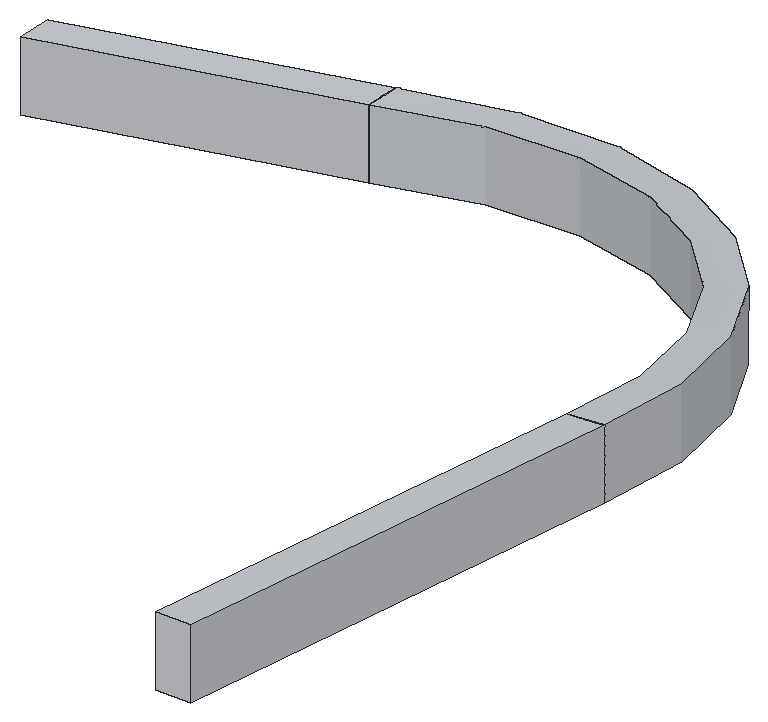
Revit family "車道下RTW(內側)1", category 結構框架, Revit 2014
Parameters (values of type "車道下RTW(內側) 2")
  Length [instance] = 300 cm
Reference planes (cm)
  plane 1 "中心 (前/後)": y = 0
  plane 2 "中心立面": z = 0
  plane 3 "中心 (左/右)": x = 0
  plane 4 "左": x = -150
  plane 5 "右": x = 150
  plane 6: z = 295
  plane 7: x = 250
  plane 8: z = 44.33
  plane 9: z = 215.45
  plane 10: through (777.2694, -826.2923, 121.92) normal (-0.1142, 0.9935, 0)
  plane 11: through (832.174, -1303.8351, 121.92) normal (-0.1142, 0.9935, 0)
  plane 12: through (1121.0861, -401.2104, 121.92) normal (0.1142, -0.9935, 0)
Forms (cm)
  SweptBlend 1, solid
    path origin (1219.2, -32.287, 44.33) x (0, -1, 0) y (1, 0, 0)
      loop
        arc (-57.2715, -969.2) -> (76.2109, -618.9166) -> (408.9553, -446.2982) r 526.3465
    profile "輪廓1 : 輪廓1" origin (250, 24.9845, 44.33) x (0, 1, 0) y (0, 0, 1)
      loop
        line (0, 0) -> (-25, 0) -> (-25, -50) -> (0, -50) -> (0, 0)
    end profile origin (772.9018, -441.2423, 44.33) x (0.993455, 0.114221, 0) y (0, 0, 1)
      loop
        line (-24.9999, 121.12) -> (0, 121.12) -> (0, 171.12) -> (-24.9999, 171.12) -> (-24.9999, 121.12)
  SweptBlend 2, solid
    path origin (0.098, -0.0155, 0) x (1, 0, 0) y (0, 1, 0)
      loop
        line (249.902, 0) -> (-0.098, 0)
    profile origin (250, -0.0155, 0) x (0, -1, 0) y (0, 0, 1)
      loop
        line (0, -5.67) -> (0, 44.33) -> (-25, 44.33) -> (-25, -5.67) -> (0, -5.67)
    end profile origin (0, -0.0155, 0) x (0, -1, 0) y (0, 0, 1)
      loop
        line (0, 0) -> (-25, 0) -> (-25, -50) -> (0, -50) -> (0, 0)
  SweptBlend 3, solid
    path origin (-369.2837, 368.5802, 215.998) x (1, 0, 0) y (0, 1, 0)
      loop
        line (1142.1855, -809.8225) -> (1192.0579, -1243.5957)
    profile origin (772.9018, -441.2423, 215.998) x (0.993455, 0.114221, 0) y (0, 0, 1)
      loop
        line (-24.9999, -0.548) -> (-24.9999, -50.548) -> (0.0001, -50.548) -> (0.0001, -0.548) -> (-24.9999, -0.548)
    end profile origin (822.7741, -875.0155, 215.998) x (0.993455, 0.114221, 0) y (0, 0, 1)
      loop
        line (-25, 29.002) -> (0, 29.002) -> (0, 79.002) -> (-25, 79.002) -> (-25, 29.002)
  Extrusion 4, void
    sketch origin (0, 0, 0) x (1, 0, 0) y (0, 1, 0)
      loop
        line (822.7741, -875.0155) -> (797.6094, -875.0155) -> (797.9377, -877.871) -> (822.7741, -875.0155)
    from 244.0014 to 295
Cuts and joins
  Extrusion 4 cuts SweptBlend 3
Dimensions and locks (cm)
  plane 6 to plane 9 to plane 8 to plane 2 "中心立面" = 79.55 cm, 171.12 cm, 44.33 cm
  plane 6 to level = 295 cm
  aligned and locked: level to plane 2 "中心立面"
